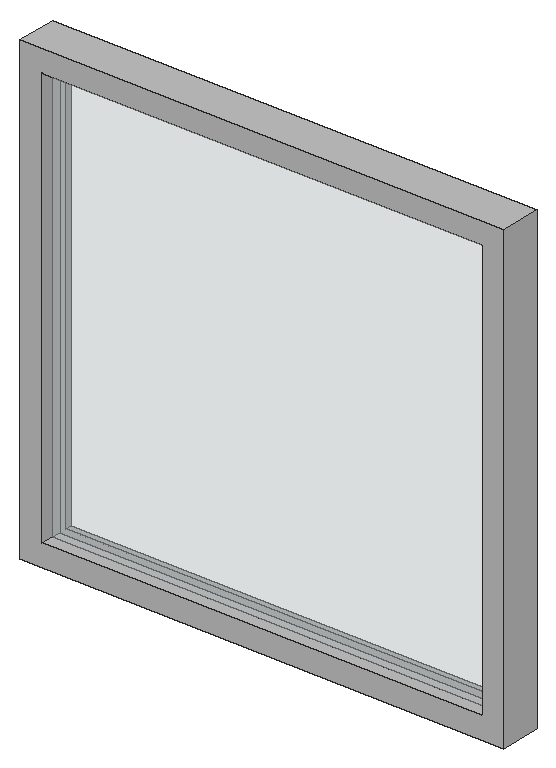
Revit family "Lian - Fixed Window - Wood", category Windows, host Wall, Revit 2017
Family settings
  Host = Wall
  Always vertical = Yes
  Cut with Voids When Loaded = No
  Shared = No
  Room Calculation Point = No
Parameters
  hosted on bimbear.com® = "www.bimbear.com"
  Width = [02.5 - Window Width]  # 1250 mm
  URL = "http://www.lian.no/"
  Type Image = <None>
  Type Comments = "Wood"
  Rough Width = [02 - Opening Width]  # 1250 mm
  Rough Height = [01 - Opening Height]  # 1200 mm
  OFS = [07 - Offset] + 1500 mm  # 1500 mm
  Model = "Fixed Window"
  Manufacturer = "Lian"
  Height = [01.5 - Window Height]  # 1200 mm
  GAP = [08 - Sealant Gap] * 2  # 0 mm
  Construction Type = ""
  Assembly Code = ""
  Analytic Construction = "<None>"
  11 - Sound Transmission Class = ""
  10 - Fire Rating = ""
  08 - Sealant Gap = 0 mm
  07 - Offset = 0 mm
  05.5 - Material Glass = Glass
  05.1 - Material Frame = RAL 9018
  02.5 - Window Width = [02 - Opening Width] - GAP  # 1250 mm
  02 - Opening Width = 1250 mm
  01.5 - Window Height = [01 - Opening Height] - GAP  # 1200 mm
  01 - Opening Height = 1200 mm
Reference planes
  plane 1 "Wall": y = 0
  plane 2 "Center (Left/Right)": x = 125
  plane 3 "Back": y = 75
  plane 4: x = -500
  plane 5: z = 1200
  plane 6: x = 750
  plane 7: x = -500
  plane 8: z = 0
  plane 9: x = 750
  plane 10: z = 1200
  plane 11 "VINDU": y = 0
  plane 12: y = -1500
  plane 13: z = 600
  plane 14: x = 709
  plane 15: x = -459
  plane 16: z = 41
  plane 17: z = 1159
Forms (mm)
  Extrusion 1, solid, material "Glass" <- "05.5 - Material Glass"
    sketch origin (125, 0, 0) x (0, 1, 0) y (0, 0, 1)
      loop
        line (0, 1159) -> (-44, 1159) -> (-44, 41) -> (0, 41) -> (0, 1159)
    from -584 to 584
  Sweep 2, solid, material "RAL 9018" <- "05.1 - Material Frame"
    path origin (0, 0, 0) x (0, 0, -1) y (-1, 0, 0)
      loop
        line (-1200, 500) -> (-1200, -750) -> (0, -750) -> (0, 500) -> (-1200, 500)
    profile origin (125, 0, 1200) x (0, 0, -1) y (0, 1, 0)
      loop
        line (0, -75.999) -> (55, -75.999) -> (55, -44) -> (41, -44) -> (41, 0) -> (56.269, 0) -> (47.402, 29.001) -> (0, 29.001) -> (0, -75.999)
Lines and regions (mm)
  Opening 1
    outline origin (-5000, -75, 0) x (1, 0, 0) y (0, 0, 1)
      loop
        line (5750, 1200) -> (4500, 1200) -> (4500, 0) -> (5750, 0) -> (5750, 1200)
Text (mm)
  text "Placement Side" at (-1848.837, 1116.779, 0), in view "Ref. Level"
  text "Placement side" at (0, 1409.804, 2854.306), in view "Left"
  text "Placement side" at (0, 499.811, 2980.732), in view "Right"
Dimensions and locks
  locked: plane 3 "Back" to host wall
  equal spacing: plane 6, plane 2 "Center (Left/Right)", plane 4
  "Rough Width": plane 6 to plane 4
  "Rough Height": level to plane 5
  "08 - Sealant Gap": plane 4 to plane 7
  "08 - Sealant Gap": plane 10 to plane 5
  "08 - Sealant Gap": plane 6 to plane 9
  "08 - Sealant Gap": level to plane 8
  plane 1 "Wall" to plane 12 = 1500 mm
  "OFS": plane 11 "VINDU" to plane 12
  equal spacing: plane 5, plane 13, level
  locked: plane 14 to plane 9 at 41
  locked: plane 7 to plane 15 at 41
  locked: plane 10 to plane 17 at 41
  locked: plane 17 to Sweep 2 sketch curve at 14
  plane 17 to Sweep 2 sketch curve to Sweep 2 sketch curve = 6.402 mm locked, 8.866 mm locked
  locked: plane 16 to plane 8 at 41
  plane 7 to plane 9 = 1250 mm
  plane 9 to plane 6 = 0 mm
  plane 4 to plane 7 = 0 mm
  plane 4 to plane 6 = 1250 mm
  aligned and locked: plane 1 "Wall" to host wall
  aligned and locked: plane 5 to Opening 1 sketch curve
  aligned and locked: Opening 1 sketch curve to plane 6
  aligned and locked: level to Opening 1 sketch curve
  aligned and locked: Opening 1 sketch curve to plane 4
  aligned and locked: nested 1 to plane 8
  aligned and locked: nested 1 to plane 11 "VINDU"
  aligned and locked: plane 11 "VINDU" to nested 2
  aligned and locked: plane 10 to nested 2
  aligned and locked: nested 3 to plane 11 "VINDU"
  aligned and locked: nested 4 to plane 11 "VINDU"
  aligned and locked: nested 3 to Extrusion 1 sketch curve
  aligned and locked: nested 5 to plane 7
  aligned and locked: plane 11 "VINDU" to nested 5
  aligned and locked: plane 9 to nested 6
  aligned and locked: nested 6 to plane 11 "VINDU"
  aligned and locked: plane 14 to nested 4
  aligned and locked: nested 4 to plane 15
  aligned and locked: nested 3 to plane 17
  aligned and locked: Extrusion 1 to nested 3
  aligned and locked: plane 11 "VINDU" to Extrusion 1
  aligned and locked: Sweep 2 sketch curve to plane 10
  aligned and locked: Sweep 2 sketch curve to plane 17
  aligned and locked: plane 16 to nested 3
  aligned and locked: Extrusion 1 to nested 4
  aligned and locked: plane 14 to Extrusion 1
Automatic sketch dimensions
  Sweep 2 sketch curve to plane 9 = 0 mm
  Sweep 2 sketch curve to plane 10 = 0 mm
  plane 7 to Sweep 2 sketch curve = 0 mm
  Sweep 2 sketch curve to plane 8 = 0 mm
  Extrusion 1 sketch curve to plane 16 = 0 mm
  Extrusion 1 sketch curve to plane 11 "VINDU" = 44 mm
  Extrusion 1 sketch curve to plane 17 = 0 mm
  Sweep 2 sketch curve to plane 11 "VINDU" = 0 mm
  Sweep 2 sketch curve to plane 11 "VINDU" = 44 mm
  Sweep 2 sketch curve to Sweep 2 sketch curve = 31.999 mm
  plane 11 "VINDU" to Sweep 2 sketch curve = 29.001 mm
Nested families
  nested 1: "FV-T-V0104-06" at (1225, 0, 0) x (0, 1, 0) z (-1, 0, 0), type "FV-T-V0104-06"
  nested 2: "FV-T-V0104-12" at (750, 0, 1200) x (0, 1, 0) z (1, 0, 0), type "FV-T-V0104-12"
  nested 3: "3Glass2D" at (125, 0, 1159) x (0, -1, 0) z (1, 0, 0), type "3Glass2D"
    with h 1118 mm
  nested 4: "3Glass2D" at (-459, 0, 0) x (0, -1, 0) z (0, 0, 1), type "3Glass2D"
    with h 1168 mm
  nested 5: "FV-T-V0104-03-09" at (-500, 0, 0) x (0, 1, 0) z (0, 0, 1), type "FV-T-V0104-03-09"
  nested 6: "FV-T-V0104-03-09" at (750, 0, 0) x (0, 1, 0) z (0, 0, 1), type "FV-T-V0104-03-09"
Definition of nested family "FV-T-V0104-06"
  Reference planes
    plane 1 "Center (Front/Back)": y = 0
    plane 2: z = 0
    plane 3 "Center (Left/Right)": x = 0
  Lines and regions (mm)
    Filled region 1, type "LianTre", in view "Ref. Level", detail levels fine
      outline origin (29, 0, 0) x (1, 0, 0) y (0, 1, 0)
        loop
          line (-1.756, 27.884) -> (-76, 37) -> (-76, 46.5) -> (-79.5, 46.5) -> (-79.5, 49.5) -> (-76, 49.5) -> (-76, 54)
          arc (-76, 54) -> (-76.293, 54.707) -> (-77, 55) r 1
          line (-77, 55) -> (-103, 55)
          arc (-103, 55) -> (-104.414, 54.414) -> (-105, 53) r 2
          line (-105, 53) -> (-105, 19) -> (-96, 19) -> (-96, 9) -> (-105, 9) -> (-105, 2)
          arc (-105, 2) -> (-104.414, 0.586) -> (-103, 0) r 2
          line (-103, 0) -> (-90, 0) -> (-90, 1) -> (-45, 1)
          arc (-45, 1) -> (-42.879, 1.879) -> (-42, 4) r 3
          line (-42, 4) -> (-42, 8) -> (-35, 8) -> (-35, 4)
          arc (-35, 4) -> (-34.121, 1.879) -> (-32, 1) r 3
          line (-32, 1) -> (-30, 1) -> (-30, 0) -> (-21, 0)
          arc (-21, 0) -> (-19.586, 0.586) -> (-19, 2) r 2
          line (-19, 2) -> (-19, 14) -> (-15, 14) -> (-15, 6.617) -> (-2.518, 3.273)
          arc (-2.518, 3.273) -> (-0.782, 3.618) -> (0, 5.205) r 2
          line (0, 5.205) -> (0, 25.899)
          arc (0, 25.899) -> (-0.502, 27.224) -> (-1.756, 27.884) r 2
    Filled region 2, type "Solid Fill - Black", in view "Ref. Level", detail levels fine
      outline origin (-1.65, 116.695, 0) x (0, 1, 0) y (-1, 0, 0)
        loop
          line (-71.113, -7.237) -> (-71.069, -6.175) -> (-70.717, -4.655) -> (-68.868, -4.605) -> (-67.509, -1.69) -> (-68.966, -2.855) -> (-71.921, -2.841) -> (-73.92, -1.68) -> (-73.689, -2.855) -> (-78.891, -2.832) -> (-80.365, -1.655) -> (-78.839, -4.655) -> (-72.978, -4.737) -> (-72.682, -6.246) -> (-72.682, -7.237) -> (-73.397, -6.903) -> (-72.893, -7.69) -> (-71.897, -8.155) -> (-70.836, -7.66) -> (-70.397, -6.903) -> (-71.113, -7.237)
    Filled region 3, type "Solid Fill - Black", in view "Ref. Level", detail levels fine
      outline origin (-42.345, 119.897, 0) x (1, 0, 0) y (0, 1, 0)
        loop
          line (-7.237, -71.113) -> (-6.903, -70.397) -> (-7.66, -70.836) -> (-8.155, -71.897) -> (-7.69, -72.893) -> (-6.903, -73.397) -> (-7.237, -72.682) -> (-6.246, -72.682) -> (-4.737, -72.978) -> (-4.655, -78.839) -> (-1.655, -80.365) -> (-2.832, -78.891) -> (-2.855, -73.689) -> (-1.68, -73.92) -> (-2.841, -71.921) -> (-2.855, -68.966) -> (-1.69, -67.509) -> (-4.605, -68.868) -> (-4.655, -70.717) -> (-6.175, -71.069) -> (-7.237, -71.113)
    Masking region 1, in view "Ref. Level", detail levels medium
      outline origin (29, 0, 0) x (1, 0, 0) y (0, 1, 0)
        loop
          line (0, 37) -> (-105, 37) -> (-105, 0) -> (0, 0) -> (0, 37)
    detail lines, in view "Ref. Level", detail levels fine
      curve 1: line (-44, 36.632, 0) -> (0, 41, 0)
      curve 2: line (0, 41, 0) -> (0, 31.229, 0)
      curve 3: line (0, 31.229, 0) -> (-44, 41, 0)
      curve 4: line (-44, 41, 0) -> (-44, 36.632, 0)
      curve 5: line (-44, 41, 0) -> (0, 41, 0)
      curve 6: line (29, 25.899, 0) -> (29, 5.205, 0)
      curve 7: arc (37, 26.336, 0) -> (36.854, 25.983, 0) -> (36.5, 25.836, 0) r 0.5
      curve 8: arc (36.5, 25.836, 0) -> (36.146, 25.983, 0) -> (36, 26.336, 0) r 0.5
      curve 9: arc (36, 35.785, 0) -> (35.91, 36.072, 0) -> (35.672, 36.255, 0) r 0.5
      curve 10: arc (7.963, 46.379, 0) -> (7.433, 46.257, 0) -> (7.327, 45.724, 0) r 0.5
      curve 11: arc (7.327, 45.724, 0) -> (7.411, 44.119, 0) -> (6.5, 42.794, 0) r 2.5
      curve 12: arc (6.5, 35.01, 0) -> (6.854, 34.863, 0) -> (7, 34.51, 0) r 0.5
      curve 13: arc (7, 34.01, 0) -> (6.854, 33.656, 0) -> (6.5, 33.51, 0) r 0.5
      curve 14: arc (6.5, 33.51, 0) -> (5.965, 33.608, 0) -> (5.5, 33.892, 0) r 1.5
      curve 15: arc (5.5, 41.798, 0) -> (5.354, 42.152, 0) -> (5, 42.298, 0) r 0.5
      curve 16: arc (3.5, 42.298, 0) -> (3.146, 42.444, 0) -> (3, 42.798, 0) r 0.5
      curve 17: arc (3, 42.798, 0) -> (3.146, 43.152, 0) -> (3.5, 43.298, 0) r 0.5
      curve 18: arc (5.005, 43.298, 0) -> (6.505, 44.798, 0) -> (5.005, 46.298, 0) r 1.5
      curve 19: arc (3.5, 46.298, 0) -> (3.146, 46.444, 0) -> (3, 46.798, 0) r 0.5
      curve 20: arc (3, 50.91, 0) -> (3.196, 51.307, 0) -> (3.629, 51.393, 0) r 0.5
      curve 21: arc (7.459, 50.367, 0) -> (7.726, 50.189, 0) -> (7.83, 49.884, 0) r 0.5
      curve 22: arc (7.83, 49.268, 0) -> (7.683, 48.914, 0) -> (7.33, 48.768, 0) r 0.5
      curve 23: arc (6.83, 49.117, 0) -> (6.726, 49.421, 0) -> (6.459, 49.6, 0) r 0.5
      curve 24: arc (4.629, 50.09, 0) -> (4.196, 50.004, 0) -> (4, 49.607, 0) r 0.5
      curve 25: arc (4, 49.241, 0) -> (4.09, 48.955, 0) -> (4.328, 48.771, 0) r 0.5
      curve 26: arc (36.672, 36.956, 0) -> (36.91, 36.773, 0) -> (37, 36.486, 0) r 0.5
      curve 27: line (36, 26.336, 0) -> (36, 35.785, 0)
      curve 28: line (35.672, 36.255, 0) -> (7.963, 46.379, 0)
      curve 29: line (6.5, 42.794, 0) -> (6.5, 35.01, 0)
      curve 30: line (7, 34.51, 0) -> (7, 34.01, 0)
      curve 31: line (5.5, 33.892, 0) -> (5.5, 41.798, 0)
      curve 32: line (5, 42.298, 0) -> (3.5, 42.298, 0)
      curve 33: line (3.5, 43.298, 0) -> (5.005, 43.298, 0)
      curve 34: line (5.005, 46.298, 0) -> (3.5, 46.298, 0)
      curve 35: line (3, 46.798, 0) -> (3, 50.91, 0)
      curve 36: line (3.629, 51.393, 0) -> (7.459, 50.367, 0)
      curve 37: line (7.83, 49.884, 0) -> (7.83, 49.268, 0)
      curve 38: line (7.33, 48.768, 0) -> (6.83, 48.768, 0)
      curve 39: line (6.83, 48.768, 0) -> (6.83, 49.117, 0)
      curve 40: line (6.459, 49.6, 0) -> (4.629, 50.09, 0)
      curve 41: line (4, 49.607, 0) -> (4, 49.241, 0)
      curve 42: line (4.328, 48.771, 0) -> (36.672, 36.956, 0)
      curve 43: line (37, 36.486, 0) -> (37, 26.336, 0)
      curve 44: arc (6.45, 33.064, 0) -> (6.836, 33.191, 0) -> (7, 33.562, 0) r 0.5
      curve 45: arc (7, 34.51, 0) -> (6.854, 34.863, 0) -> (6.5, 35.01, 0) r 0.5
      curve 46: arc (9.178, 41.523, 0) -> (9.031, 41.49, 0) -> (8.931, 41.377, 0) r 0.25
      curve 47: arc (10, 41.227, 0) -> (9.934, 41.396, 0) -> (9.77, 41.476, 0) r 0.25
      curve 48: arc (22.107, 30.976, 0) -> (22.299, 31.04, 0) -> (22.381, 31.225, 0) r 0.25
      curve 49: arc (24.85, 39.919, 0) -> (24.682, 40.223, 0) -> (24.356, 40.343, 0) r 0.5
      curve 50: arc (22.881, 40.343, 0) -> (22.528, 40.196, 0) -> (22.381, 39.843, 0) r 0.5
      curve 51: arc (24.332, 28.242, 0) -> (24.717, 28.368, 0) -> (24.881, 28.739, 0) r 0.5
      curve 52: arc (1.25, 42.096, 0) -> (1.073, 42.023, 0) -> (1, 41.846, 0) r 0.25
      curve 53: arc (2.044, 41.901, 0) -> (1.956, 42.041, 0) -> (1.801, 42.096, 0) r 0.25
      curve 54: line (3.92, 33.66, 0) -> (2.044, 41.901, 0)
      curve 55: line (4.358, 33.273, 0) -> (6.45, 33.064, 0)
      curve 56: line (7, 33.562, 0) -> (7, 34.51, 0)
      curve 57: line (6.5, 35.01, 0) -> (6.5, 36.01, 0)
      curve 58: line (6.5, 36.01, 0) -> (8.931, 41.377, 0)
      curve 59: line (9.77, 41.476, 0) -> (9.178, 41.523, 0)
      curve 60: line (10, 32.793, 0) -> (10, 41.227, 0)
      curve 61: line (10.225, 32.544, 0) -> (22.107, 30.976, 0)
      curve 62: line (22.381, 39.843, 0) -> (22.381, 31.225, 0)
      curve 63: line (24.881, 28.739, 0) -> (24.881, 33.187, 0)
      curve 64: line (24.881, 33.187, 0) -> (25.866, 33.36, 0)
      curve 65: line (25.866, 33.36, 0) -> (24.85, 39.919, 0)
      curve 66: line (24.356, 40.343, 0) -> (22.881, 40.343, 0)
      curve 67: line (1, 31.549, 0) -> (1, 41.846, 0)
      curve 68: line (1.25, 42.096, 0) -> (1.801, 42.096, 0)
      curve 69: arc (1, 31.549, 0) -> (1.129, 31.213, 0) -> (1.45, 31.051, 0) r 0.5
      curve 70: arc (10, 32.793, 0) -> (10.065, 32.625, 0) -> (10.225, 32.544, 0) r 0.25
      curve 71: arc (3.92, 33.66, 0) -> (4.077, 33.396, 0) -> (4.358, 33.273, 0) r 0.5
Definition of nested family "FV-T-V0104-12"
  Reference planes
    plane 1 "Center (Front/Back)": y = 0
    plane 2: z = 0
    plane 3 "Center (Left/Right)": x = 0
  Lines and regions (mm)
    Filled region 1, type "Solid Fill - Black", in view "Ref. Level", detail levels fine
      outline origin (-1.654, 23.897, 0) x (0, 1, 0) y (-1, 0, 0)
        loop
          line (-71.113, -7.237) -> (-71.069, -6.175) -> (-70.717, -4.655) -> (-68.868, -4.605) -> (-67.509, -1.69) -> (-68.966, -2.855) -> (-71.921, -2.841) -> (-73.92, -1.68) -> (-73.689, -2.855) -> (-78.891, -2.832) -> (-80.365, -1.655) -> (-78.839, -4.655) -> (-72.978, -4.737) -> (-72.682, -6.246) -> (-72.682, -7.237) -> (-73.397, -6.903) -> (-72.893, -7.69) -> (-71.897, -8.155) -> (-70.836, -7.66) -> (-70.397, -6.903) -> (-71.113, -7.237)
    Filled region 2, type "Solid Fill - Black", in view "Ref. Level", detail levels fine
      outline origin (-42.345, 23.897, 0) x (1, 0, 0) y (0, 1, 0)
        loop
          line (-7.237, -71.113) -> (-6.903, -70.397) -> (-7.66, -70.836) -> (-8.155, -71.897) -> (-7.69, -72.893) -> (-6.903, -73.397) -> (-7.237, -72.682) -> (-6.246, -72.682) -> (-4.737, -72.978) -> (-4.655, -78.839) -> (-1.655, -80.365) -> (-2.832, -78.891) -> (-2.855, -73.689) -> (-1.68, -73.92) -> (-2.841, -71.921) -> (-2.855, -68.966) -> (-1.69, -67.509) -> (-4.605, -68.868) -> (-4.655, -70.717) -> (-6.175, -71.069) -> (-7.237, -71.113)
    Filled region 3, type "LianTre", in view "Ref. Level", detail levels fine
      outline origin (29.001, 0, 0) x (1, 0, 0) y (0, 1, 0)
        loop
          arc (-105, -53) -> (-104.414, -54.414) -> (-103, -55) r 2
          line (-103, -55) -> (-77, -55)
          arc (-77, -55) -> (-76.293, -54.707) -> (-76, -54) r 1
          line (-76, -54) -> (-76, -49.5) -> (-79.5, -49.5) -> (-79.5, -46.5) -> (-76, -46.5) -> (-76, -37) -> (-2, -37)
          arc (-2, -37) -> (-0.586, -36.414) -> (0, -35) r 2
          line (0, -35) -> (0, -2)
          arc (0, -2) -> (-0.586, -0.586) -> (-2, 0) r 2
          line (-2, 0) -> (-30, 0) -> (-30, -1) -> (-32, -1)
          arc (-32, -1) -> (-34.121, -1.879) -> (-35, -4) r 3
          line (-35, -4) -> (-35, -8) -> (-42, -8) -> (-42, -4)
          arc (-42, -4) -> (-42.879, -1.879) -> (-45, -1) r 3
          line (-45, -1) -> (-90, -1) -> (-90, 0) -> (-103, 0)
          arc (-103, 0) -> (-104.414, -0.586) -> (-105, -2) r 2
          line (-105, -2) -> (-105, -9) -> (-96, -9) -> (-96, -19) -> (-105, -19) -> (-105, -53)
    Masking region 1, in view "Ref. Level", detail levels medium
      outline origin (29.001, 0, 0) x (1, 0, 0) y (0, 1, 0)
        loop
          line (-105, -37) -> (0, -37) -> (0, 0) -> (-105, 0) -> (-105, -37)
    detail lines, in view "Ref. Level", detail levels fine
      curve 1: arc (3.001, -54, 0) -> (3.406, -54.804, 0) -> (4.293, -54.956, 0) r 1
      curve 2: arc (19.462, -50.319, 0) -> (22.02, -48.511, 0) -> (23.001, -45.537, 0) r 5
      curve 3: line (23.001, -45.537, 0) -> (23.001, -39, 0)
      curve 4: line (23.001, -39, 0) -> (20.001, -39, 0)
      curve 5: line (20.001, -39, 0) -> (20.001, -37, 0)
      curve 6: line (20.001, -37, 0) -> (3.001, -37, 0)
      curve 7: line (3.001, -37, 0) -> (3.001, -46.5, 0)
      curve 8: line (3.001, -46.5, 0) -> (6.501, -46.5, 0)
      curve 9: line (6.501, -46.5, 0) -> (6.501, -49.5, 0)
      curve 10: line (6.501, -49.5, 0) -> (3.001, -49.5, 0)
      curve 11: line (3.001, -49.5, 0) -> (3.001, -54, 0)
      curve 12: line (4.293, -54.956, 0) -> (19.462, -50.319, 0)
      curve 13: line (-44, -37, 0) -> (0, -41, 0)
      curve 14: line (0, -41, 0) -> (0, -37, 0)
      curve 15: line (0, -37, 0) -> (-44, -41, 0)
      curve 16: line (-44, -41, 0) -> (-44, -37, 0)
      curve 17: line (-44, -41, 0) -> (0, -41, 0)
Definition of nested family "3Glass2D"
  Parameters (values of type "3Glass2D")
    h [instance] = 150 mm
  Reference planes
    plane 1 "Center (Front/Back)": y = 0
    plane 2: z = 0
    plane 3 "Center (Left/Right)": x = 0
    plane 4: y = 150
    plane 5: y = -41
    plane 6: y = 191
    plane 7: y = -4
    plane 8: y = 154
  Lines and regions (mm)
    Filled region 1, type "Glass Hatch", in view "Ref. Level", detail levels fine
      outline origin (305.983, -18.8, 0) x (1, 0, 0) y (0, 1, 0)
        loop
          line (-261.983, 18.8) -> (-261.983, 168.8) -> (-265.983, 168.8) -> (-265.983, 18.8) -> (-261.983, 18.8)
        loop
          line (-281.983, 18.8) -> (-281.983, 168.8) -> (-285.983, 168.8) -> (-285.983, 18.8) -> (-281.983, 18.8)
        loop
          line (-301.983, 18.8) -> (-301.983, 168.8) -> (-305.983, 168.8) -> (-305.983, 18.8) -> (-301.983, 18.8)
    Masking region 1, in view "Ref. Level", detail levels medium
      outline origin (0, 0, 0) x (1, 0, 0) y (0, 1, 0)
        loop
          line (44, -4) -> (44, 154) -> (0, 154) -> (0, -4) -> (44, -4)
    Masking region 2, in view "Ref. Level", detail levels fine
      outline origin (0, 0, 0) x (1, 0, 0) y (0, 1, 0)
        loop
          line (4, 12) -> (4, 0) -> (20, 0) -> (20, 12) -> (4, 12)
        loop
          line (6, 10) -> (6, 2) -> (18, 2) -> (18, 10) -> (6, 10)
        loop
          line (24, 12) -> (24, 0) -> (40, 0) -> (40, 12) -> (24, 12)
        loop
          line (38, 2) -> (38, 10) -> (26, 10) -> (26, 2) -> (38, 2)
    Masking region 3, in view "Ref. Level", detail levels fine
      outline origin (0, 126.931, 0) x (0, -1, 0) y (1, 0, 0)
        loop
          line (-11.069, 4) -> (-11.069, 20) -> (-23.069, 20) -> (-23.069, 4) -> (-11.069, 4)
        loop
          line (-13.069, 6) -> (-13.069, 18) -> (-21.069, 18) -> (-21.069, 6) -> (-13.069, 6)
        loop
          line (-11.069, 24) -> (-11.069, 40) -> (-23.069, 40) -> (-23.069, 24) -> (-11.069, 24)
        loop
          line (-21.069, 38) -> (-21.069, 26) -> (-13.069, 26) -> (-13.069, 38) -> (-21.069, 38)
    detail lines, in view "Ref. Level", detail levels coarse
      curve 1: line (0, -41, 0) -> (0, 191, 0)
  Dimensions and locks
    "h": plane 1 "Center (Front/Back)" to plane 4
    locked: plane 6 to plane 4 at 41
    locked: plane 8 to plane 4 at 4
    locked: plane 7 to plane 1 "Center (Front/Back)" at 4
    aligned and locked: plane 4 to Filled region 1  (x3)
    aligned and locked: plane 1 "Center (Front/Back)" to Filled region 1  (x3)
    aligned and locked: Filled region 1 sketch curve to plane 1 "Center (Front/Back)"  (x3)
    aligned and locked: plane 3 "Center (Left/Right)" to curve 1
    aligned and locked: plane 5 to curve 1
    aligned and locked: plane 6 to curve 1
    aligned and locked: Masking region 1 to plane 8
  Automatic sketch dimensions
    Filled region 1 sketch curve to plane 3 "Center (Left/Right)" = 0 mm
    Filled region 1 sketch curve to plane 4 = 0 mm  (x3)
    plane 3 "Center (Left/Right)" to Filled region 1 sketch curve = 4 mm
    Filled region 1 sketch curve to Filled region 1 sketch curve = 16 mm  (x2)
    Filled region 1 sketch curve to Filled region 1 sketch curve = 4 mm  (x2)
    Masking region 1 sketch curve to plane 3 "Center (Left/Right)" = 0 mm
    plane 3 "Center (Left/Right)" to Masking region 1 sketch curve = 44 mm
    plane 1 "Center (Front/Back)" to Masking region 2 sketch curve = 0 mm  (x2)
    plane 3 "Center (Left/Right)" to Masking region 2 sketch curve = 4 mm
    Masking region 2 sketch curve to Masking region 2 sketch curve = 2 mm  (x6)
    Masking region 2 sketch curve to Masking region 2 sketch curve = 12 mm  (x2)
    Masking region 2 sketch curve to Masking region 2 sketch curve = 4 mm
    Masking region 2 sketch curve to plane 1 "Center (Front/Back)" = 2 mm  (x2)
    Masking region 2 sketch curve to Masking region 2 sketch curve = 8 mm  (x2)
    Masking region 3 sketch curve to plane 4 = 0 mm  (x2)
    Masking region 3 sketch curve to plane 4 = 2 mm  (x2)
    Masking region 3 sketch curve to Masking region 3 sketch curve = 8 mm  (x2)
    Masking region 3 sketch curve to Masking region 3 sketch curve = 2 mm  (x6)
    plane 3 "Center (Left/Right)" to Masking region 3 sketch curve = 4 mm
    Masking region 3 sketch curve to Masking region 3 sketch curve = 12 mm  (x2)
    Masking region 3 sketch curve to Masking region 3 sketch curve = 4 mm
    plane 7 to Masking region 1 sketch curve = 0 mm
    plane 4 to Masking region 1 sketch curve = 4 mm
Definition of nested family "FV-T-V0104-03-09"
  Reference planes
    plane 1 "Center (Front/Back)": y = 0
    plane 2: z = 0
    plane 3 "Center (Left/Right)": x = 0
  Lines and regions (mm)
    Filled region 1, type "Solid Fill - Black", in view "Ref. Level", detail levels fine
      outline origin (-1.655, 23.897, 0) x (0, 1, 0) y (-1, 0, 0)
        loop
          line (-71.113, -7.237) -> (-71.069, -6.175) -> (-70.717, -4.655) -> (-68.868, -4.605) -> (-67.509, -1.69) -> (-68.966, -2.855) -> (-71.921, -2.841) -> (-73.92, -1.68) -> (-73.689, -2.855) -> (-78.891, -2.832) -> (-80.365, -1.655) -> (-78.839, -4.655) -> (-72.978, -4.737) -> (-72.682, -6.246) -> (-72.682, -7.237) -> (-73.397, -6.903) -> (-72.893, -7.69) -> (-71.897, -8.155) -> (-70.836, -7.66) -> (-70.397, -6.903) -> (-71.113, -7.237)
    Filled region 2, type "Solid Fill - Black", in view "Ref. Level", detail levels fine
      outline origin (-42.345, 23.897, 0) x (1, 0, 0) y (0, 1, 0)
        loop
          line (-7.237, -71.113) -> (-6.903, -70.397) -> (-7.66, -70.836) -> (-8.155, -71.897) -> (-7.69, -72.893) -> (-6.903, -73.397) -> (-7.237, -72.682) -> (-6.246, -72.682) -> (-4.737, -72.978) -> (-4.655, -78.839) -> (-1.655, -80.365) -> (-2.832, -78.891) -> (-2.855, -73.689) -> (-1.68, -73.92) -> (-2.841, -71.921) -> (-2.855, -68.966) -> (-1.69, -67.509) -> (-4.605, -68.868) -> (-4.655, -70.717) -> (-6.175, -71.069) -> (-7.237, -71.113)
    Filled region 3, type "LianTre", in view "Ref. Level", detail levels fine
      outline origin (83.905, -104.985, 0) x (1, 0, 0) y (0, 1, 0)
        loop
          arc (-159.913, 51.985) -> (-159.327, 50.571) -> (-157.913, 49.985) r 2
          line (-157.913, 49.985) -> (-131.905, 49.985)
          arc (-131.905, 49.985) -> (-131.198, 50.278) -> (-130.905, 50.985) r 1
          line (-130.905, 50.985) -> (-130.905, 55.485) -> (-134.405, 55.485) -> (-134.405, 58.485) -> (-130.905, 58.485) -> (-130.905, 67.985) -> (-56.913, 67.985)
          arc (-56.913, 67.985) -> (-55.498, 68.571) -> (-54.913, 69.985) r 2
          line (-54.913, 69.985) -> (-54.913, 102.985)
          arc (-54.913, 102.985) -> (-55.498, 104.399) -> (-56.913, 104.985) r 2
          line (-56.913, 104.985) -> (-84.913, 104.985) -> (-84.913, 103.985) -> (-86.913, 103.985)
          arc (-86.913, 103.985) -> (-89.034, 103.106) -> (-89.913, 100.985) r 3
          line (-89.913, 100.985) -> (-89.913, 96.985) -> (-96.913, 96.985) -> (-96.913, 100.985)
          arc (-96.913, 100.985) -> (-97.791, 103.106) -> (-99.913, 103.985) r 3
          line (-99.913, 103.985) -> (-144.913, 103.985) -> (-144.913, 104.985) -> (-157.913, 104.985)
          arc (-157.913, 104.985) -> (-159.327, 104.399) -> (-159.913, 102.985) r 2
          line (-159.913, 102.985) -> (-159.913, 95.985) -> (-150.913, 95.985) -> (-150.913, 85.985) -> (-159.913, 85.985) -> (-159.913, 51.985)
    Masking region 1, in view "Ref. Level", detail levels medium
      outline origin (28.992, 0, 0) x (1, 0, 0) y (0, 1, 0)
        loop
          line (-105, 0) -> (-105, -37) -> (0, -37) -> (0, 0) -> (-105, 0)
    model lines, in view "Ref. Level", detail levels fine
      curve 1: arc (3, -54, 0) -> (3.405, -54.804, 0) -> (4.292, -54.956, 0) r 1
      curve 2: arc (19.462, -50.319, 0) -> (22.019, -48.511, 0) -> (23, -45.537, 0) r 5
      curve 3: line (23, -45.537, 0) -> (23, -39, 0)
      curve 4: line (23, -39, 0) -> (20, -39, 0)
      curve 5: line (20, -39, 0) -> (20, -37, 0)
      curve 6: line (3, -37, 0) -> (3, -46.5, 0)
      curve 7: line (3, -46.5, 0) -> (6.5, -46.5, 0)
      curve 8: line (6.5, -46.5, 0) -> (6.5, -49.5, 0)
      curve 9: line (6.5, -49.5, 0) -> (3, -49.5, 0)
      curve 10: line (3, -49.5, 0) -> (3, -54, 0)
      curve 11: line (4.292, -54.956, 0) -> (19.462, -50.319, 0)
      curve 12: line (-44, -37, 0) -> (0, -41, 0)
      curve 13: line (0, -41, 0) -> (0, -37, 0)
      curve 14: line (0, -37, 0) -> (-44, -41, 0)
      curve 15: line (-44, -41, 0) -> (-44, -37, 0)
      curve 16: line (0, -41, 0) -> (-44, -41, 0)
